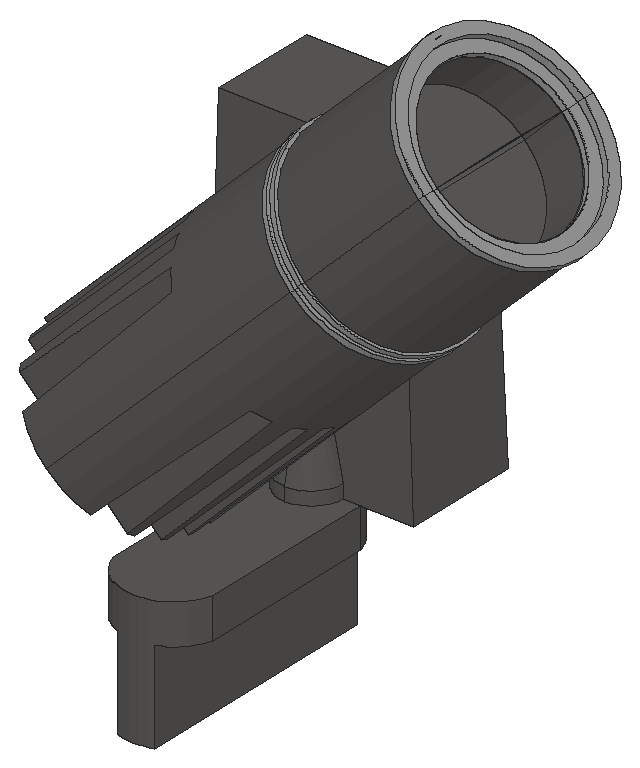
Revit family "2055967", category Lighting Fixtures, host Face, Revit 2016
Family settings
  Host = Face
  Part Type = Normal
  Round Connector Dimension = Use Diameter
  OmniClass Number = 23.80.70.00
  OmniClass Title = Lighting
  Cut with Voids When Loaded = No
  Light Source = No
  Shared = No
  Room Calculation Point = No
Parameters (values of type "2055967 BCON PRJ FRAM DALI L3 4K BLK")
  Weight = "1.365 kg"
  Wattage Comments = ""
  WarrantyStartDate [instance] = "n/a"
  WarrantyGuarantorParts = "n/a"
  WarrantyDurationUnit = "n/a"
  WarrantyDurationParts = "n/a"
  WarrantyDescription = "n/a"
  Voltage = 230 V
  URL = "http://www.sylvania-lighting.com"
  TypeName = "BCON PRJ FRAM DALI L3 4K BLK"
  TypeHead_SYL = Beacon LED Projector Framing Head : 2055967 BCON PRJ FRAM DALI L3 4K BLK
  Type Image = <None>
  Type Comments = "n/a"
  Track_SYL = yes
  Surface_SYL = not(Track_SYL)  # no
  SerialNumber [instance] = "n/a"
  Material_3_SYL = none
  PowerFactor = 0.95
  PowerConsumption = "35 W"
  NominalLength = 0 mm
  NominalHeight = 215 mm
  NominalDepth = 185 mm
  Name = "BCON PRJ FRAM DALI L3 4K BLK"
  ModelReference = Name  # "BCON PRJ FRAM DALI L3 4K BLK"
  ModelNumber = "2055967"
  Model = Name  # "BCON PRJ FRAM DALI L3 4K BLK"
  Material = "aluminium housing"
  ManufacturerName = "Feilo Sylvania"
  Manufacturer = "Feilo Sylvania"
  LuminousEfficacy = "14 lm/W"
  LuminaireType = ""
  LightOutputRatio = "100"
  LampsType = Lamp  # "LED"
  LampNominalLuminous = "474 lm"
  LampMacAdamStep = "3"
  LampColourTemperature = "4000 K"
  LampColourRenderingIndex = "97"
  Lamp = "LED"
  Keynote = "16500"
  InstallationDate [instance] = "n/a"
  InputVoltage = "AC 230 V"
  InputNominalFrequency = "50/60 Hz"
  IngressProtection = "IP20"
  ImpactProtectionIndex = "IK02"
  IfcExportType = "IfcLightFixtureType"
  IfcExportAs = "IfcLightFixtureType"
  HorizontalRotation_SYL [instance] = 0.00°
  EndAngle_SYL [instance] = HorizontalRotation_SYL + 180.00°  # 180.00°
  ElectricShockClassification = "Class II"
  DocumentationLiterature = "http://www.sylvania-lighting.com/product/en-int/products/2055967"
  DimmingControlOptions = "n/a"
  Material_2_SYL = Body-Sylvania-Black
  Description = "Beacon Projector offers precision light exactly where it is needed. The Framing Projector has four adjustable arms allowing the beam to be framed to the desired size shape (square/rectangle or irregular 4 sided shapes).High colour rendering CRI 97 typical. IR/UV free light source without heat radiation. LED technology provides an energy efficient solution with reduced maintenance costs."
  Default Elevation = 1219.2 mm
  CreatedOn = "3/14/2019"
  CreatedBy = "@sylvania-lighting.com"
  Cost = 0
  built-in parameter 1114216 [instance] = (empty or 0)
  ClassificationValue = "EF_70_80"
  ClassificationName = "Uniclass2015"
  Material_1_SYL = Body-Sylvania-Black
  BarCode [instance] = "n/a"
  AssetType = "Fixed"
  AssetIdentifier [instance] = "n/a"
  Assembly Code = "D5020200"
  Apparent Load = 35 VA
  Material_4_SYL = none
Reference planes
  plane 1 "Center (Front/Back)": y = 0
  plane 2: z = 0
  plane 3 "Center (Left/Right)": x = 0
  plane 4: x = 7
  plane 5: x = -7
  plane 6: z = -34.5
  plane 7: z = 15
  plane 8: x = 18.5
  plane 9: x = -18.5
  plane 10: y = 48.5
  plane 11: y = -48.5
  plane 12: y = 34.5
  plane 13: y = -34.5
  plane 14: y = 77
  plane 15: y = -8
  plane 16: x = 42.5
  plane 17: x = -42.5
Forms (mm)
  Extrusion 1, solid, material "Body-Sylvania-Black" <- "Material_1_SYL", visible <- "Track_SYL"
    sketch origin (0, 0, 0) x (1, 0, 0) y (0, 0, 1)
      loop
        line (-18.5, 15) -> (-18.5, 0) -> (-7, 0) -> (-7, -34.5) -> (7, -34.5) -> (7, 0) -> (18.5, 0) -> (18.5, 15) -> (-18.5, 15)
    from -48.5 to 48.5
  Extrusion 2, void
    sketch origin (0, 0, 0) x (1, 0, 0) y (0, 1, 0)
      loop
        arc (-18.5, 34.5) -> (0, 48.5) -> (18.5, 34.5) r 19.223
        line (18.5, 34.5) -> (21.5, 34.5) -> (21.5, 54.5) -> (-23.5, 54.5) -> (-23.5, 34.5) -> (-18.5, 34.5)
      loop
        line (-18.5, -34.5) -> (-23.5, -34.5) -> (-23.5, -54.5) -> (21.5, -54.5) -> (21.5, -34.5) -> (18.5, -34.5)
        arc (18.5, -34.5) -> (0, -48.5) -> (-18.5, -34.5) r 19.223
    from -34.5 to 15
  Revolve 3, solid, not visible
    sketch origin (0, 0, 0) x (0, 1, 0) y (0, 0, 1)
      loop
        line (34.5, 15) -> (48.5, 15) -> (48.5, 39.844) -> (34.5, 39.844) -> (34.5, 15)
      axis (34.5, 15) -> (34.5, 39.844)
    angle from 0 <- "HorizontalRotation_SYL" to 180 <- "EndAngle_SYL"
  Extrusion 4, solid, material "Body-Sylvania-Black" <- "Material_1_SYL", visible <- "Surface_SYL"
    sketch origin (0, 0, 0) x (1, 0, 0) y (0, 1, 0)
      loop
        arc (39.5, -8) -> (41.621, -7.121) -> (42.5, -5) r 3
        line (42.5, -5) -> (42.5, 74)
        arc (42.5, 74) -> (41.621, 76.121) -> (39.5, 77) r 3
        line (39.5, 77) -> (-39.5, 77)
        arc (-39.5, 77) -> (-41.621, 76.121) -> (-42.5, 74) r 3
        line (-42.5, 74) -> (-42.5, -5)
        arc (-42.5, -5) -> (-41.621, -7.121) -> (-39.5, -8) r 3
        line (-39.5, -8) -> (39.5, -8)
    from 0 to 15
Cuts and joins
  Extrusion 2 cuts Extrusion 1
Dimensions and locks
  plane 8 to plane 4 to plane 3 "Center (Left/Right)" to plane 5 to plane 9 = 11.5 mm locked, 7 mm locked, 7 mm locked, 11.5 mm locked
  plane 7 to level to plane 6 = 15 mm locked, 34.5 mm locked
  plane 11 to plane 1 "Center (Front/Back)" to plane 10 = 48.5 mm locked, 48.5 mm locked
  plane 13 to plane 1 "Center (Front/Back)" to plane 12 = 34.5 mm locked, 34.5 mm locked
  plane 15 to plane 12 to plane 14 = 42.5 mm locked, 42.5 mm locked
  plane 16 to plane 3 "Center (Left/Right)" to plane 17 = 42.5 mm locked, 42.5 mm locked
  aligned and locked: plane 2 to host face
  aligned and locked: level to host face
  aligned and locked: plane 7 to Extrusion 1 sketch curve
  aligned and locked: level to Extrusion 1 sketch curve
  aligned and locked: Extrusion 1 sketch curve to plane 8
  aligned and locked: Extrusion 1 sketch curve to plane 6
  aligned and locked: Extrusion 1 sketch curve to plane 4
  aligned and locked: plane 5 to Extrusion 1 sketch curve
  aligned and locked: Extrusion 1 sketch curve to level
  aligned and locked: Extrusion 1 to plane 10
  aligned and locked: plane 11 to Extrusion 1
  aligned and locked: plane 12 to Extrusion 2 sketch curve  (x2)
  aligned and locked: plane 8 to Extrusion 2 sketch curve
  aligned and locked: plane 9 to Extrusion 2 sketch curve
  aligned and locked: plane 13 to Extrusion 2 sketch curve  (x3)
  aligned and locked: Extrusion 2 sketch curve to Extrusion 2 sketch curve  (x2)
  aligned and locked: plane 6 to Extrusion 2
  aligned and locked: Extrusion 2 to plane 7
  aligned and locked: Revolve 3 sketch curve to plane 12
  aligned and locked: Revolve 3 sketch curve to cut or joined group of Extrusion 1, Extrusion 2  (x2)
  aligned and locked: Revolve 3 sketch curve to plane 10
  aligned and locked: Extrusion 4 sketch curve to plane 15
  aligned and locked: Extrusion 4 sketch curve to plane 16
  aligned and locked: plane 14 to Extrusion 4 sketch curve
  aligned and locked: plane 17 to Extrusion 4 sketch curve
  aligned and locked: Extrusion 4 to plane 7
  aligned and locked: Extrusion 4 to level
  aligned and locked: nested 2 to plane 12
Nested families
  nested 1: "Beacon LED Projector Framing Gearbox" at (0, 34.5, 15) x (0, 1, 0) z (1, 0, 0), type "Type Name"
    with VerticalRotation_SYL -45.00°, EndAngle_SYL 135.00°
  nested 2: "Beacon LED Projector Framing Head" at (0, -10.5, 78) x (0, 1, 0) z (0.7071, 0, 0.7071), type <- "TypeHead_SYL", type "2055967 BCON PRJ FRAM DALI L3 4K BLK"
    with built-in parameter 1114216 (empty or 0)
Connectors
  electrical at (0, 34.5, 0), driven by "Voltage", driven by "Apparent Load", driven by "PowerFactor"
    settings: on Extrusion 4, index 1, voltage 230 V, apparent load 35 VA, apparent load phase1 0 VA, apparent load phase2 0 VA, apparent load phase3 0 VA, power factor 0.95, load classification "Other", number of poles 1, system type 30, power factor state 1, is connector primary yes, connector utility no, sub classification motor no, connector description ""
Definition of nested family "Beacon LED Projector Framing Gearbox"
  Parameters (values of type "Type Name")
    VerticalRotation_SYL [instance] = 0.00°
    URL = "http://www.sylvania-lighting.com"
    Type Image = (empty or 0)
    Type Comments = "n/a"
    Material_3_SYL = none
    Model = ""
    Manufacturer = "Feilo Sylvania"
    Keynote = ""
    Material_2_SYL = none
    EndAngle_SYL [instance] = VerticalRotation_SYL + 180.00°  # 180.00°
    Description = ""
    Default Elevation = 1219.2 mm
    Cost = 0
    Material_1_SYL = none
    Assembly Code = ""
    Material_4_SYL = none
  Reference planes
    plane 1 "Center (Front/Back)": y = 0
    plane 2: z = 0
    plane 3 "Center (Left/Right)": x = 0
    plane 4: y = 5
    plane 5: y = 63
    plane 6: y = 47
    plane 7: y = 121
    plane 8: x = -3
    plane 9: x = -12
    plane 10: x = 41
    plane 11: x = 44
    plane 12: z = 38.5
    plane 13: z = -38.5
    plane 14: z = 34.5
    plane 15: z = -34.5
  Forms (mm)
    Extrusion 1, solid
      sketch origin (4.2, 0, 0) x (1, 0, 0) y (0, 1, 0)
        loop
          line (-1219.2, 1219.2) -> (-1219.2, -1219.2) -> (1219.2, -1219.2) -> (1219.2, 1219.2) -> (-1219.2, 1219.2)
      from 0 to -68.017
    Revolve 2, solid, material <- "Material_1_SYL"
      sketch origin (0, 0, 0) x (1, 0, 0) y (0, 1, 0)
        loop
          line (0, 0) -> (0, 47) -> (-3, 47) -> (-12, 5) -> (-12, 0) -> (0, 0)
        axis (0, 47) -> (0, 0)
      angle from 360 to 0
    Blend 3, solid, material <- "Material_1_SYL"
      base sketch origin (0, 0, 0) x (1, 0, 0) y (0, 0, 1)
        loop
          line (0, -38.5) -> (44, -38.5) -> (44, 38.5) -> (0, 38.5) -> (0, -38.5)
      top sketch origin (0, 0, 0) x (1, 0, 0) y (0, 0, 1)
        loop
          line (0, 34.5) -> (0, -34.5) -> (41, -34.5) -> (41, 34.5) -> (0, 34.5)
      from 0 to -121
    Revolve 4, solid, not visible
      sketch origin (0, 0, 0) x (1, 0, 0) y (0, 1, 0)
        loop
          line (0, 63) -> (-12, 63) -> (-12, 47) -> (0, 47) -> (0, 63)
        axis (0, 63) -> (-12, 63)
      angle from 0 <- "VerticalRotation_SYL" to 180 <- "EndAngle_SYL"
  Cuts and joins
    joined: Revolve 2, Blend 3
  Dimensions and locks
    plane 3 "Center (Left/Right)" to plane 10 to plane 11 = 41 mm locked, 3 mm locked
    plane 9 to plane 8 to plane 3 "Center (Left/Right)" = 9 mm locked, 3 mm locked
    plane 1 "Center (Front/Back)" to plane 4 to plane 6 to plane 5 to plane 7 = 5 mm locked, 42 mm locked, 16 mm locked, 58 mm locked
    plane 14 to level to plane 15 = 34.5 mm locked, 34.5 mm locked
    locked: plane 12 to plane 14 at 4
    locked: plane 15 to plane 13 at 4
    aligned and locked: plane 2 to Extrusion 1
    aligned and locked: level to Extrusion 1
    aligned and locked: Revolve 2 sketch curve to plane 3 "Center (Left/Right)"  (x2)
    aligned and locked: Revolve 2 sketch curve to Revolve 2 sketch curve
    aligned and locked: Revolve 2 sketch curve to plane 1 "Center (Front/Back)"
    aligned and locked: plane 4 to Revolve 2 sketch curve
    aligned and locked: plane 9 to Revolve 2 sketch curve
    aligned and locked: plane 6 to Revolve 2 sketch curve  (x2)
    aligned and locked: plane 3 "Center (Left/Right)" to Revolve 2 sketch curve
    aligned and locked: plane 13 to Blend 3 sketch curve
    aligned and locked: Blend 3 sketch curve to plane 3 "Center (Left/Right)"
    aligned and locked: Blend 3 sketch curve to plane 12
    aligned and locked: plane 11 to Blend 3 sketch curve
    aligned and locked: plane 14 to Blend 3 sketch curve
    aligned and locked: Blend 3 sketch curve to plane 15
    aligned and locked: Blend 3 sketch curve to plane 10
    aligned and locked: Blend 3 to plane 7
    aligned and locked: plane 1 "Center (Front/Back)" to Blend 3
    aligned and locked: Revolve 4 sketch curve to plane 5
    aligned and locked: Revolve 4 sketch curve to Revolve 4 sketch curve
    aligned and locked: plane 3 "Center (Left/Right)" to Revolve 4 sketch curve
    aligned and locked: plane 6 to Revolve 4 sketch curve
    aligned and locked: Revolve 4 sketch curve to plane 9
Definition of nested family "Beacon LED Projector Framing Head"
  Parameters (values of type "2055967 BCON PRJ FRAM DALI L3 4K BLK")
    Wattage Comments = "n/a"
    Wattage = 35 W
    built-in parameter 1150110 = 1 (stored number, unit not read)
    URL = "http://www.sylvania-lighting.com"
    Type Image = (empty or 0)
    Type Comments = "n/a"
    built-in parameter 1114217 = 1 (stored number, unit not read)
    Tilt Angle = -90.00°
    built-in parameter 1150109 = 1 (stored number, unit not read)
    built-in parameter 1150134 = 12
    built-in parameter 1150113 = 1 (stored number, unit not read)
    Photometric Web File = "spot_ideal.ies"
    Material_3_SYL = none
    Model = "BCON PRJ FRAM DALI L3 4K BLK"
    Manufacturer = "Feilo Sylvania"
    built-in parameter 1150105 = 49 (stored number, unit not read)
    Lumens = 490 lm
    built-in parameter 1150115 = 1 (stored number, unit not read)
    built-in parameter 1150137 = (empty or 0)
    built-in parameter 1150139 = (empty or 0)
    built-in parameter 1150112 = 1 (stored number, unit not read)
    built-in parameter 1150114 = 1 (stored number, unit not read)
    Lamp = "LED"
    Keynote = "16500"
    Material_2_SYL = none
    built-in parameter 1150132 = (empty or 0)
    built-in parameter 1150102 = (empty or 0)
    built-in parameter 1150107 = 4000 (stored number, unit not read)
    built-in parameter 1150138 = (empty or 0)
    built-in parameter 1150106 = 0.49 (stored number, unit not read)
    Emit from Circle Diameter = 61 mm
    Emit Shape Visible in Rendering = no
    built-in parameter 1150104 = 1.3006 (stored number, unit not read)
    Dimming Lamp Color Temperature Shift = (empty or 0)
    Description = "Beacon Projector offers precision light exactly where it is needed. The Framing Projector has four adjustable arms allowing the beam to be framed to the desired size shape (square/rectangle or irregular 4 sided shapes).High colour rendering CRI 97 typical. IR/UV free light source without heat radiation. LED technology provides an energy efficient solution with reduced maintenance costs."
    Default Elevation = 1219.2 mm
    Cost = 0
    Color Filter = 16777215
    built-in parameter 1114216 [instance] = (empty or 0)
    Material_1_SYL = none
    built-in parameter 1114218 = 1 (stored number, unit not read)
    built-in parameter 1150133 = 10 (stored number, unit not read)
    Assembly Code = "D5020200"
    Apparent Load = 35 VA
    Material_4_SYL = none
  Types (12, lengths in mm): name | built-in parameter 1150134 | Model | built-in parameter 1150107
    2055967 BCON PRJ FRAM DALI L3 4K BLK | 12 | "BCON PRJ FRAM DALI L3 4K BLK" | 4000 (stored number, unit not read)
    2055966 BCON PRJ FRAM DALI L3 4K WH | 12 | "BCON PRJ FRAM DALI L3 4K WH" | 4000 (stored number, unit not read)
    2055965 BCON PRJ FRAM DALI L3 3K BLK | (empty or 0) | "BCON PRJ FRAM DALI L3 3K BLK" | 3000 (stored number, unit not read)
    2055964 BCON PRJ FRAM DALI L3 3K WH | (empty or 0) | "BCON PRJ FRAM DALI L3 3K WH" | 3000 (stored number, unit not read)
    2055963 BCON PRJ FRAM O/B SM 4K BLK | 12 | "BCON PRJ FRAM O/B SM 4K BLK" | 4000 (stored number, unit not read)
    2055962 BCON PRJ FRAM O/B SM 4K WH | 12 | "BCON PRJ FRAM O/B SM 4K WH" | 4000 (stored number, unit not read)
    2055961 BCON PRJ FRAM O/B SM 3K BLK | (empty or 0) | "BCON PRJ FRAM O/B SM 3K BLK" | 3000 (stored number, unit not read)
    2055960 BCON PRJ FRAM O/B SM 3K WH | (empty or 0) | "BCON PRJ FRAM O/B SM 3K WH" | 3000 (stored number, unit not read)
    2055959 BCON PRJ FRAM O/B L3 4K BLK | 12 | "BCON PRJ FRAM O/B L3 4K BLK" | 4000 (stored number, unit not read)
    2055958 BCON PRJ FRAM O/B L3 4K WH | 12 | "BCON PRJ FRAM O/B L3 4K WH" | 4000 (stored number, unit not read)
    2055957 BCON PRJ FRAM O/B L3 3K BLK | (empty or 0) | "BCON PRJ FRAM O/B L3 3K BLK" | 3000 (stored number, unit not read)
    2055956 BCON PRJ FRAM O/B L3 3K WH | (empty or 0) | "BCON PRJ FRAM O/B L3 3K WH" | 3000 (stored number, unit not read)
  Reference planes
    plane 1 "Center (Front/Back)": y = 0
    plane 2: z = 0
    plane 3 "Center (Left/Right)": x = 0
    plane 4: x = 39.5
    plane 5: x = -39.5
    plane 6: z = -45
    plane 7: z = 155
    plane 8: z = 152.4
    plane 9: x = -38.5
    plane 10: z = 91
    plane 11: z = 84.75
    plane 12: z = 35
    plane 13: x = -35.25
    plane 14: z = 151.937
    plane 15: x = -30.5
    plane 16: z = 149.187
    plane 17: z = 88.75
    plane 18: z = 87
    plane 19: x = -37.5
    plane 20: z = 129.187
    plane 21: x = -2.5
    plane 22: x = 2.5
    plane 23: x = -4
    plane 24: x = 4
    plane 25: z = 15
    plane 26: z = -15
    plane 27: x = 45
    plane 28: x = 14.75
  Forms (mm)
    Extrusion 1, solid
      sketch origin (4.2, 0, 0) x (1, 0, 0) y (0, 1, 0)
        loop
          line (-1219.2, 1219.2) -> (-1219.2, -1219.2) -> (1219.2, -1219.2) -> (1219.2, 1219.2) -> (-1219.2, 1219.2)
      from 0 to -68.017
    Revolve 2, solid, material <- "Material_2_SYL"
      sketch origin (0, 0, 0) x (1, 0, 0) y (0, 0, 1)
        loop
          line (-30.5, 149.188) -> (-30.5, 151.938) -> (-35.25, 151.938) -> (-35.25, 155) -> (-39.5, 155) -> (-39.5, 152.4) -> (-37.5, 152.4) -> (-37.5, 149.188) -> (-30.5, 149.188)
        axis (0, 155) -> (0, 149.188)
      angle from 360 to 0
    Revolve 3, solid, material <- "Material_3_SYL"
      sketch origin (0, 0, 0) x (1, 0, 0) y (0, 0, 1)
        loop
          arc (0, 156.729) -> (-15.437, 155.524) -> (-30.5, 151.938) r 99.476
          line (-30.5, 151.938) -> (-30.5, 149.188) -> (0, 149.188) -> (0, 156.729)
        axis (0, 156.729) -> (0, 149.188)
      angle from 360 to 0
    Revolve 4, solid, material <- "Material_1_SYL"
      sketch origin (0, 0, 0) x (1, 0, 0) y (0, 0, 1)
        loop
          line (-38.5, 152.4) -> (-38.5, 91) -> (-35.25, 91) -> (-35.25, 84.75) -> (-38.5, 84.75) -> (-38.5, -45) -> (0, -45) -> (0, 129.187) -> (-30.5, 129.187) -> (-30.5, 149.188) -> (-37.5, 149.188) -> (-37.5, 152.4) -> (-38.5, 152.4)
        axis (0, 152.4) -> (0, -45)
      angle from 360 to 0
    Revolve 5, solid, material <- "Material_2_SYL"
      sketch origin (0, 0, 0) x (1, 0, 0) y (0, 0, 1)
        loop
          line (-39.5, 91) -> (-39.5, 88.75) -> (-37.5, 88.75) -> (-37.5, 87) -> (-39.5, 87) -> (-39.5, 84.75) -> (-35.25, 84.75) -> (-35.25, 91) -> (-39.5, 91)
        axis (0, 91) -> (0, 84.75)
      angle from 360 to 0
    Extrusion 6, void
      sketch origin (20, 0, 0) x (-1, 0, 0) y (0, 0, 1)
        loop
          line (17.5, 35) -> (16, -45) -> (24, -45) -> (22.5, 35) -> (17.5, 35)
      from -40 to 40
    Extrusion 7, void
      sketch origin (20, 0, 0) x (-1, 0, 0) y (0, 0, 1)
        loop
          line (27.5, 35) -> (26, -45) -> (34, -45) -> (32.5, 35) -> (27.5, 35)
      from -40 to 40
    Extrusion 8, void
      sketch origin (-20, 0, 0) x (1, 0, 0) y (0, 0, 1)
        loop
          line (2.5, 35) -> (-2.5, 35) -> (-4, -45) -> (4, -45) -> (2.5, 35)
      from -40 to 40
    Extrusion 9, void
      sketch origin (20, 0, 0) x (-1, 0, 0) y (0, 0, 1)
        loop
          line (47.5, 35) -> (46, -45) -> (54, -45) -> (52.5, 35) -> (47.5, 35)
      from -40 to 40
    Extrusion 10, void
      sketch origin (30, 0, 0) x (-1, 0, 0) y (0, 0, 1)
        loop
          line (2.5, 35) -> (-2.5, 35) -> (-4, -45) -> (4, -45) -> (2.5, 35)
      from -40 to 40
    Extrusion 11, void
      sketch origin (10, 0, 0) x (-1, 0, 0) y (0, 0, 1)
        loop
          line (2.5, 35) -> (-2.5, 35) -> (-4, -45) -> (4, -45) -> (2.5, 35)
      from -40 to 40
    Extrusion 12, void
      sketch origin (20, 0, 0) x (-1, 0, 0) y (0, 0, 1)
        loop
          line (2.5, 35) -> (-2.5, 35) -> (-4, -45) -> (4, -45) -> (2.5, 35)
      from -40 to 40
    Revolve 13, solid, material <- "Material_1_SYL"
      sketch origin (0, 0, 0) x (1, 0, 0) y (0, 0, 1)
        loop
          line (45, 15) -> (14.75, 15) -> (14.75, 0) -> (45, 0) -> (45, 15)
        axis (14.75, 0) -> (45, 0)
      angle from 360 to 0
  Cuts and joins
    Extrusion 6, Extrusion 7, Extrusion 8, Extrusion 9, Extrusion 10, Extrusion 11, Extrusion 12 cuts Revolve 4
    joined: Revolve 4, Revolve 13
  Lines and regions (mm)
    reference lines
      curve 1: line (-2.5, 0, 35) -> (-4, 0, -45)
      curve 2: line (4, 0, -45) -> (2.5, 0, 35)
  Dimensions and locks
    plane 7 to level to plane 6 = 155 mm locked, 45 mm locked
    equal spacing: plane 4, plane 3 "Center (Left/Right)", plane 5
    locked: plane 4 to plane 5 at 79
    locked: plane 7 to plane 10 at 64
    plane 10 to plane 11 = 6.25 mm
    locked: plane 7 to plane 12 at 120
    plane 3 "Center (Left/Right)" to plane 15 to plane 13 to plane 9 to plane 5 = 30.5 mm, 4.75 mm, 3.25 mm, 1 mm
    plane 7 to plane 8 to plane 14 to plane 16 = 2.6 mm locked, 0.463 mm locked, 2.75 mm locked
    locked: plane 3 "Center (Left/Right)" to plane 19 at 37.5
    locked: plane 16 to plane 20 at 20
    plane 10 to plane 17 to plane 18 = 2.25 mm locked, 1.75 mm locked
    plane 22 to plane 3 "Center (Left/Right)" to plane 21 = 2.5 mm locked, 2.5 mm locked
    plane 24 to plane 3 "Center (Left/Right)" to plane 23 = 4 mm locked, 4 mm locked
    equal spacing: group 4, group 3, group 2, group 1
    equal spacing: group 1, group 2, group 3, group 4  (x2)
    plane 25 to level to plane 26 = 15 mm locked, 15 mm locked
    locked: plane 27 to plane 3 "Center (Left/Right)" at 45
    locked: plane 28 to plane 3 "Center (Left/Right)" at 14.75
    aligned and locked: plane 2 to Extrusion 1
    aligned and locked: level to Extrusion 1
    aligned and locked: Revolve 2 sketch curve to plane 3 "Center (Left/Right)"
    aligned and locked: plane 16 to Revolve 2 sketch curve  (x2)
    aligned and locked: plane 15 to Revolve 2 sketch curve
    aligned and locked: plane 13 to Revolve 2 sketch curve
    aligned and locked: Revolve 2 sketch curve to plane 14
    aligned and locked: Revolve 2 sketch curve to plane 7
    aligned and locked: Revolve 2 sketch curve to plane 5
    aligned and locked: plane 8 to Revolve 2 sketch curve
    aligned and locked: Revolve 3 sketch curve to plane 3 "Center (Left/Right)"
    aligned and locked: Revolve 3 sketch curve to Revolve 2
    aligned and locked: Revolve 2 to Revolve 3 sketch curve
    aligned and locked: plane 3 "Center (Left/Right)" to Revolve 3 sketch curve
    aligned and locked: Revolve 4 sketch curve to plane 3 "Center (Left/Right)"
    aligned and locked: plane 10 to Revolve 4 sketch curve
    aligned and locked: Revolve 4 sketch curve to plane 13
    aligned and locked: Revolve 4 sketch curve to plane 11
    aligned and locked: Revolve 4 sketch curve to plane 9  (x2)
    aligned and locked: plane 6 to Revolve 4 sketch curve
    aligned and locked: plane 3 "Center (Left/Right)" to Revolve 4 sketch curve
    aligned and locked: plane 15 to Revolve 4 sketch curve
    aligned and locked: Revolve 4 sketch curve to plane 8
    aligned and locked: Revolve 2 sketch curve to plane 19
    aligned and locked: plane 19 to Revolve 4 sketch curve
    aligned and locked: Revolve 4 sketch curve to plane 20
    aligned and locked: Revolve 5 sketch curve to plane 3 "Center (Left/Right)"
    aligned and locked: plane 10 to Revolve 5 sketch curve
    aligned and locked: Revolve 5 sketch curve to plane 5  (x2)
    aligned and locked: plane 17 to Revolve 5 sketch curve
    aligned and locked: plane 18 to Revolve 5 sketch curve
    aligned and locked: Revolve 5 sketch curve to plane 19
    aligned and locked: plane 11 to Revolve 5 sketch curve
    aligned and locked: Revolve 5 sketch curve to Revolve 4  (x2)
    aligned and locked: plane 21 to curve 1
    aligned and locked: plane 23 to curve 1
    aligned and locked: plane 24 to curve 2
    aligned and locked: plane 22 to curve 2
    aligned and locked: Revolve 13 sketch curve to plane 25
    aligned and locked: plane 27 to Revolve 13 sketch curve
    aligned and locked: Revolve 13 sketch curve to level  (x2)
    aligned and locked: Revolve 13 sketch curve to plane 28
    aligned and locked: plane 3 "Center (Left/Right)" to imposter light
    aligned and locked: imposter light to plane 7
    aligned and locked: imposter light to plane 1 "Center (Front/Back)"
  Automatic sketch dimensions
    Extrusion 1 sketch curve to Extrusion 1 sketch curve = 2438.4 mm  (x2)
    plane 6 to Revolve 2 sketch curve = 564.6 mm
    Revolve 2 sketch curve to plane 7 = 2454.058 mm
    Revolve 3 sketch curve to plane 14 = 0 mm
    Revolve 3 sketch curve to plane 12 = 22.253 mm
    plane 6 to Revolve 3 sketch curve = 564.6 mm
    Revolve 3 sketch curve to Revolve 3 sketch curve = 2452.329 mm
    Revolve 4 sketch curve to plane 16 = 0 mm
    plane 6 to Revolve 4 sketch curve = 564.6 mm
    Revolve 4 sketch curve to plane 7 = 2454.058 mm
    plane 6 to Revolve 5 sketch curve = 564.6 mm
    Revolve 5 sketch curve to plane 7 = 2454.058 mm
    curve 2 to plane 12 = 0 mm
    curve 2 to plane 6 = 0 mm
    curve 1 to plane 6 = 0 mm
    curve 1 to plane 12 = 0 mm
    Extrusion 6 sketch curve to Extrusion 6 sketch curve = 1.5 mm
    Extrusion 6 sketch curve to Extrusion 6 sketch curve = 5 mm
    Extrusion 6 sketch curve to Extrusion 6 sketch curve = 8 mm
    Extrusion 6 sketch curve to Extrusion 6 sketch curve = 80 mm
    Extrusion 7 sketch curve to Extrusion 7 sketch curve = 1.5 mm
    Extrusion 7 sketch curve to Extrusion 7 sketch curve = 5 mm
    Extrusion 7 sketch curve to Extrusion 7 sketch curve = 8 mm
    Extrusion 7 sketch curve to Extrusion 7 sketch curve = 80 mm
    Extrusion 8 sketch curve to Extrusion 8 sketch curve = 1.5 mm
    Extrusion 8 sketch curve to Extrusion 8 sketch curve = 5 mm
    Extrusion 8 sketch curve to Extrusion 8 sketch curve = 8 mm
    Extrusion 8 sketch curve to Extrusion 8 sketch curve = 80 mm
    Extrusion 9 sketch curve to Extrusion 9 sketch curve = 1.5 mm
    Extrusion 9 sketch curve to Extrusion 9 sketch curve = 5 mm
    Extrusion 9 sketch curve to Extrusion 9 sketch curve = 8 mm
    Extrusion 9 sketch curve to Extrusion 9 sketch curve = 80 mm
    Extrusion 10 sketch curve to Extrusion 10 sketch curve = 1.5 mm
    Extrusion 10 sketch curve to Extrusion 10 sketch curve = 5 mm
    Extrusion 10 sketch curve to Extrusion 10 sketch curve = 8 mm
    Extrusion 10 sketch curve to Extrusion 10 sketch curve = 80 mm
    Extrusion 11 sketch curve to Extrusion 11 sketch curve = 1.5 mm
    Extrusion 11 sketch curve to Extrusion 11 sketch curve = 5 mm
    Extrusion 11 sketch curve to Extrusion 11 sketch curve = 8 mm
    Extrusion 11 sketch curve to Extrusion 11 sketch curve = 80 mm
    Extrusion 12 sketch curve to Extrusion 12 sketch curve = 1.5 mm
    Extrusion 12 sketch curve to Extrusion 12 sketch curve = 5 mm
    Extrusion 12 sketch curve to Extrusion 12 sketch curve = 8 mm
    Extrusion 12 sketch curve to Extrusion 12 sketch curve = 80 mm
    Revolve 13 sketch curve to plane 5 = 1495.135 mm
    plane 27 to Revolve 13 sketch curve = 1614.773 mm
